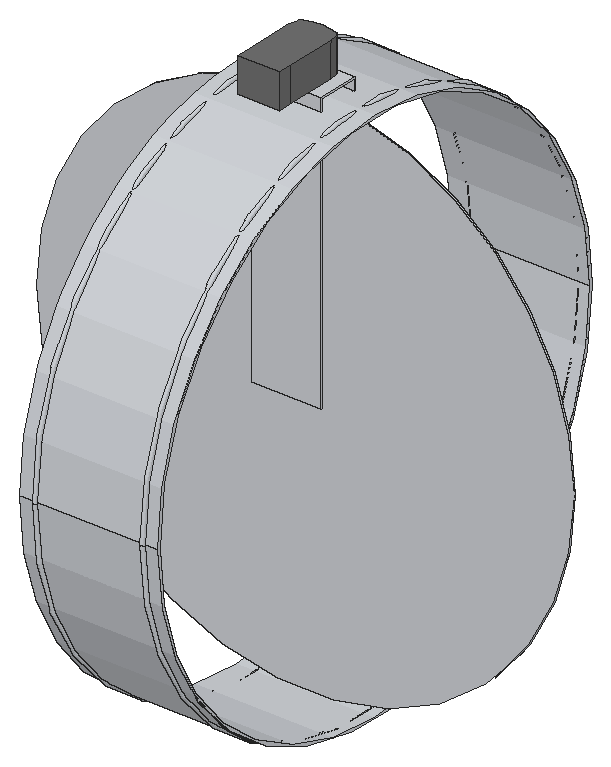
Revit family "НЕВАТОМ_Клапан KPNO-60(90)-D-SN-EM220(24)", category Арматура воздуховодов, Revit 2017
Family settings
  Размер круглого соединителя = Использовать диаметр
  Тип детали = Вставляется
  На основе рабочей плоскости = Нет
  Всегда вертикально = Да
  При загрузке вырезать с полостями = Нет
  Общий = Нет
Parameters (values of type "KPNO-60(90)-D-SN-EM220(24)")
  ТП = "НЕВАТОМ_Клапан КPNO-60(90)-EM"  # constant formula
  Сравнение огнестойкости [instance] = if(U24, 1 mm, 0 mm)  # 0 mm
  Сравнение напряжения [instance] = if(EI 60, 1 mm, 0 mm)  # 1 mm
  Материал = Оцинкованная сталь
  Ключевая пометка = "Вентиляция"
  z [instance] = 2 mm  # constant formula
  q [instance] = 10 mm
  dd [instance] = D клапана - 10 mm  # 1240 mm
  a [instance] = 100 mm
  U24 [instance] = no
  U220 [instance] = and(not(U24))  # yes
  Nevatom_URL = "https://t.me/NEVATOM_Bim_bot"
  H [instance] = Dy + 120 mm  # 1370 mm
  EI 90 [instance] = and(not(EI 60))  # no
  EI 60 [instance] = yes
  Dy [instance] = D клапана  # 1250 mm
  D/2 [instance] = D клапана / 2  # 625 mm
  L [instance] = 320 mm
  D+10 [instance] = D клапана + 10 mm  # 1260 mm
  D клапана [instance] = 1250 mm
  ADSK_Ток = 0 A
  ADSK_Расход воздуха = 0.0 m³/h
  ADSK_Размер_Ширина [instance] = Dy  # 1250 mm
  ADSK_Размер_Длина [instance] = L  # 320 mm
  ADSK_Размер_Высота [instance] = H  # 1370 mm
  ADSK_Примечание = ""
  ADSK_Позиция = ""
  ADSK_Напряжение = 220 V
  ADSK_Наименование [instance] = size_lookup(ТП, "", "ошибка типоразмера", D клапана, Сравнение огнестойкости, Сравнение напряжения)  # "KPNO-90-1250-SN-EM24"
  ADSK_Материал наименование = "Оцинкованная сталь"  # constant formula
  ADSK_Масса_Текст = ""
  ADSK_Масса [instance] = size_lookup("НЕВАТОМ_Клапан КPNO-60(90)-EM", "ADSK_Масса", 0, D клапана)  # 66
  ADSK_Марка = ""
  ADSK_Код изделия = ""
  ADSK_Завод-изготовитель = "НЕВАТОМ"  # constant formula
  ADSK_Единица измерения = "шт."  # constant formula
Reference planes
  plane 1 "По центру (Вперед/Назад)": y = 0
  plane 2: z = 0
  plane 3 "По центру (Влево/Вправо)": x = 0
  plane 4: x = -160
  plane 5: x = 160
  plane 6: x = 75
  plane 7: z = 625
  plane 8: x = -130
  plane 9: x = -120
  plane 10: z = 630
  plane 11: x = -100
  plane 12: x = -90
  plane 13: x = 90
  plane 14: x = 100
  plane 15: x = 120
  plane 16: x = 130
  plane 17: x = 135
  plane 18: y = 50
  plane 19: y = -50
  plane 20: y = -48
  plane 21: y = 48
  plane 22: z = 625
  plane 23: z = 755
  plane 24: z = 655
  plane 25: z = 657
  plane 26: x = 15
  plane 27: z = 625
  plane 28: z = 740
  plane 29: x = -5
  plane 30: x = 137
  plane 31: y = 1
  plane 32: y = -1
  plane 33: z = 10
  plane 34: z = 630
  plane 35: z = -630
Forms (mm)
  Extrusion 1, void, not visible
    sketch origin (-345, -245, 50) x (0, -1, 0) y (0, 0, -1)
      loop
        line (-477.965, -475) -> (-477.965, -450) -> (-528.913, -450) -> (-528.913, -475) -> (-477.965, -475)
    from -47.452 to 12
  Extrusion 2, solid
    sketch origin (0, 0, 0) x (0, 1, 0) y (0, 0, 1)
      loop
        circle (0, 0) r 625
      loop
        circle (0, 0) r 630
    from -160 to 160
  Sweep 3, solid
    path origin (0, 0, 0) x (0, 1, 0) y (0, 0, 1)
      loop
        circle (0, 0) r 630
    profile origin (0, 0, 630) x (0, 0, -1) y (1, 0, 0)
      loop
        line (0, -130) -> (0, -120)
        arc (0, -120) -> (-5, -125) -> (0, -130) r 5
      loop
        line (0, 120) -> (0, 130)
        arc (0, 130) -> (-5, 125) -> (0, 120) r 5
  Extrusion 4, solid
    sketch origin (0, 0, 0) x (0, 1, 0) y (0, 0, 1)
      loop
        line (48, 10) -> (50, 10) -> (50, 657) -> (-50, 657) -> (-50, 10) -> (-48, 10) -> (-48, 655) -> (48, 655) -> (48, 10)
    from 75 to -84.603
  Extrusion 5, solid
    sketch origin (0, 0, 0) x (1, 0, 0) y (0, 0, 1)
      loop
        circle (0, 0) r 625
    from -1 to 1
Cuts and joins
  joined: Extrusion 2, Extrusion 4
Lines and regions (mm)
  model lines, not visible, detail levels coarse
    curve 1: circle (0, 0, 0) r 135 normal (0, 0, 1)
    curve 2: line (-135, 0, 0) -> (43.681, 127.738, 0)
    curve 3: line (-135, 0, 0) -> (43.681, -127.738, 0)
    curve 4: line (43.681, 127.738, 0) -> (43.681, -127.738, 0)
  model lines, not visible, detail levels medium
    curve 5: circle (0, 0, 0) r 90 normal (0, -1, 0)
    curve 6: line (-90, 0, 0) -> (39.046, 0, 81.089)
    curve 7: line (-90, 0, 0) -> (39.046, 0, -81.089)
    curve 8: line (39.046, 0, 81.089) -> (39.046, 0, -81.089)
Dimensions and locks
  equal spacing: plane 4, plane 3 "По центру (Влево/Вправо)", plane 5
  "L": plane 4 to plane 5
  "D/2": plane 7 to level
  locked: plane 8 to plane 4 at 30
  locked: plane 9 to plane 8 at 10
  locked: plane 10 to plane 7 at 5
  locked: plane 11 to plane 9 at 20
  locked: plane 12 to plane 11 at 10
  locked: plane 5 to plane 16 at 30
  locked: plane 16 to plane 15 at 10
  locked: plane 15 to plane 14 at 20
  locked: plane 14 to plane 13 at 10
  locked: plane 17 to plane 6 at 60
  "D/2": level to plane 22
  locked: plane 22 to plane 23 at 130
  locked: plane 22 to plane 24 at 30
  locked: plane 24 to plane 25 at 2
  equal spacing: plane 18, plane 1 "По центру (Вперед/Назад)", plane 19
  "a": plane 18 to plane 19
  locked: plane 18 to plane 21 at 2
  locked: plane 20 to plane 19 at 2
  locked: plane 17 to plane 26 at 120
  "D/2": plane 27 to level
  locked: plane 17 to plane 30 at 2
  equal spacing: plane 32, plane 1 "По центру (Вперед/Назад)", plane 31
  "z": plane 32 to plane 31
  "q": plane 33 to level
  locked: plane 3 "По центру (Влево/Вправо)" to plane 6 at 75
  locked: plane 3 "По центру (Влево/Вправо)" to plane 29 at 5
  equal spacing: plane 35, level, plane 34
  "D+10": plane 35 to plane 34
  "H": plane 35 to plane 28
  locked: cut or joined group of Extrusion 2, Extrusion 4 to cut or joined group of Extrusion 2, Extrusion 4 at 159.603
  "D клапана": diameter of Extrusion 2 sketch curve
  "D клапана": diameter of Extrusion 5 sketch curve
  "D+10": diameter of Extrusion 2 sketch curve
  "D+10": diameter of Sweep 3 sketch curve
  aligned and locked: level to plane 2
  aligned and locked: Extrusion 2 to plane 5
  aligned and locked: Extrusion 2 to plane 4
  aligned and locked: Extrusion 4 sketch curve to plane 21
  aligned and locked: plane 18 to Extrusion 4 sketch curve
  aligned and locked: plane 20 to Extrusion 4 sketch curve
  aligned and locked: Extrusion 4 sketch curve to plane 19
  aligned and locked: Extrusion 4 sketch curve to plane 24
  aligned and locked: plane 25 to Extrusion 4 sketch curve
  aligned and locked: Extrusion 5 to plane 32
  aligned and locked: plane 31 to Extrusion 5
  aligned and locked: plane 33 to Extrusion 4 sketch curve  (x2)
  aligned and locked: cut or joined group of Extrusion 2, Extrusion 4 to nested 2
  aligned and locked: plane 3 "По центру (Влево/Вправо)" to nested 2
  aligned and locked: plane 6 to Extrusion 4
  aligned and locked: plane 28 to nested 2
Automatic sketch dimensions
  Extrusion 2 sketch curve to Extrusion 2 sketch curve = 0 mm  (x2)
  Extrusion 2 sketch curve to level = 0 mm
  Extrusion 2 sketch curve to plane 1 "По центру (Вперед/Назад)" = 0 mm
  Sweep 3 sketch curve to level = 0 mm
  Sweep 3 sketch curve to plane 1 "По центру (Вперед/Назад)" = 0 mm
  Sweep 3 sketch curve to profile plane = 0 mm  (x2)
  Sweep 3 sketch curve to plane 8 = 0 mm
  Sweep 3 sketch curve to plane 9 = 0 mm
  Sweep 3 sketch curve to plane 15 = 0 mm
  Sweep 3 sketch curve to plane 16 = 0 mm
  Extrusion 5 sketch curve to level = 0 mm
  Extrusion 5 sketch curve to plane 3 "По центру (Влево/Вправо)" = 0 mm
Nested families
  nested 1: "крепление 15мм" at (-330, 229.965, 495), type "крепление 15мм", not visible
  nested 2: "BLE" at (0, 23, 683) x (0, 1, 0) z (0, 0, 1), type "BLE"
    with Задание электрикам no
Connectors
  hvac at (-160, 0, 0), driven by "D клапана"
    settings: on cut or joined group of Extrusion 2, Extrusion 4, index 1, duct flow 0.0 m³/h, flow factor 0, pres drop 0.0 Pa, loss coef 0, conn angle 0.00°, conn width 304.8 mm, conn height 304.8 mm, conn diameter 1250 mm, duct sys type 29, conn prof type 0, flow config 0, flow direction 0, loss method 0, conn ref index 2, conn util no, is conn primary yes, conn desc ""
  hvac at (160, 0, 0), driven by "D клапана"
    settings: on cut or joined group of Extrusion 2, Extrusion 4, index 2, duct flow 0.0 m³/h, flow factor 0, pres drop 0.0 Pa, loss coef 0, conn angle 0.00°, conn width 304.8 mm, conn height 304.8 mm, conn diameter 1250 mm, duct sys type 29, conn prof type 0, flow config 0, flow direction 0, loss method 0, conn ref index 1, conn util no, is conn primary no, conn desc ""
Definition of nested family "крепление 15мм"
  Parameters (values of type "крепление 15мм")
    Материал крепления = none
  Reference planes
    plane 1 "По центру (Вперед/Назад)": y = 0
    plane 2: z = 0
    plane 3 "По центру (Влево/Вправо)": x = 0
  Forms (mm)
    Extrusion 1, solid, material <- "Материал крепления"
      sketch origin (0, 0, 0) x (1, 0, 0) y (0, 1, 0)
        loop
          line (-25, 0) -> (0, 0) -> (0, 18.31) -> (0, 25) -> (-3, 25) -> (-3, 3) -> (-25, 3) -> (-25, 0)
      from 0 to 30
    Extrusion 2, void
      sketch origin (0, 0, 0) x (1, 0, 0) y (0, 1, 0)
        loop
          line (-3, 3) -> (-3, 54.96) -> (-58, 54.96) -> (-58, 3) -> (-3, 3)
      from 0 to 15
  Cuts and joins
    Extrusion 2 cuts Extrusion 1
  Dimensions and locks
    Extrusion 1 sketch curve to Extrusion 1 sketch curve = 3 mm  (x2)
    Extrusion 1 sketch curve to Extrusion 1 sketch curve to plane 3 "По центру (Влево/Вправо)" = 25 mm, 0 mm
    Extrusion 1 sketch curve to Extrusion 1 sketch curve = 25 mm
    aligned and locked: level to plane 2
Definition of nested family "BLE"
  Parameters (values of type "BLE")
    Тип, марка, обозначение = "BLE"
    Примечание = ""
    Позиция = ""
    Наименование и тех.хар-ка = "Реверсивный электрический привод"  # constant formula
    Материал = none
    Масса единицы = "3,18"
    Корпус = none
    Код, оборудования = ""
    Keynote = "Вентиляция"
    Задание электрикам [instance] = no
    Завод изготовитель = "BELIMO"  # constant formula
    Единица измерения = "шт."  # constant formula
    H = 85 mm
    B = 458 mm
    A = 378 mm
    2 = none
    1 = none
  Reference planes
    plane 1 "По центру (Вперед/Назад)": y = 0
    plane 2: z = -23
    plane 3 "По центру (Влево/Вправо)": x = 0
    plane 4: x = -120.073
    plane 5: x = -130.073
    plane 6: x = 25
    plane 7: y = 48.75
    plane 8: y = -48.75
    plane 9: z = 57
    plane 10: x = -160
    plane 11: z = 59
  Forms (mm)
    Extrusion 1, void, not visible
      sketch origin (-345, -245, 50) x (0, -1, 0) y (0, 0, -1)
        loop
          line (-477.965, -475) -> (-477.965, -450) -> (-528.913, -450) -> (-528.913, -475) -> (-477.965, -475)
      from -47.452 to 12
    Extrusion 2, solid, material <- "Корпус"
      sketch origin (0, 0, -23) x (1, 0, 0) y (0, 1, 0)
        loop
          line (-130.073, 48.75) -> (-160, 48.75) -> (-160, -48.75) -> (-130.073, -48.75) -> (-10.073, -48.75) -> (9.415, -45.314)
          arc (9.415, -45.314) -> (13.882, -43.309) -> (16.862, -39.425) r 10
          arc (16.862, -39.425) -> (25, 0) -> (16.862, 39.425) r 99.564
          arc (16.862, 39.425) -> (13.882, 43.309) -> (9.415, 45.314) r 10
          line (9.415, 45.314) -> (-10.073, 48.75) -> (-130.073, 48.75)
      from 0 to 80
    Extrusion 3, void
      sketch origin (0, 0, -23) x (1, 0, 0) y (0, 1, 0)
        loop
          circle (0, 0) r 12.5
      from 28.523 to 59
  Cuts and joins
    Extrusion 3 cuts Extrusion 2
  Lines and regions (mm)
    model lines, not visible, detail levels coarse
      curve 1: circle (0, 0, 0) r 135 normal (0, 0, 1)
      curve 2: line (-135, 0, 0) -> (43.681, 127.738, 0)
      curve 3: line (-135, 0, 0) -> (43.681, -127.738, 0)
      curve 4: line (43.681, 127.738, 0) -> (43.681, -127.738, 0)
    model lines, not visible, detail levels medium
      curve 5: circle (0, 0, 0) r 90 normal (0, -1, 0)
      curve 6: line (-90, 0, 0) -> (39.046, 0, 81.089)
      curve 7: line (-90, 0, 0) -> (39.046, 0, -81.089)
      curve 8: line (39.046, 0, 81.089) -> (39.046, 0, -81.089)
  Dimensions and locks
    locked: plane 5 to plane 4 at 10
    locked: plane 4 to plane 3 "По центру (Влево/Вправо)" at 120.073
    locked: plane 3 "По центру (Влево/Вправо)" to plane 6 at 25
    equal spacing: plane 7, plane 1 "По центру (Вперед/Назад)", plane 8
    locked: plane 7 to plane 8 at 97.5
    plane 9 to level = 80 mm
    plane 10 to plane 6 = 185 mm
    plane 11 to plane 9 = 2 mm
    aligned and locked: level to plane 2
    aligned and locked: plane 9 to Extrusion 2
  Automatic sketch dimensions
    plane 1 "По центру (Вперед/Назад)" to Extrusion 3 sketch curve = 0 mm
    Extrusion 3 sketch curve to plane 3 "По центру (Влево/Вправо)" = 0 mm
    Extrusion 2 sketch curve to plane 8 = 0 mm
    Extrusion 2 sketch curve to plane 10 = 0 mm
    Extrusion 2 sketch curve to plane 5 = 0 mm  (x2)
    plane 1 "По центру (Вперед/Назад)" to Extrusion 2 sketch curve = 0 mm
    plane 7 to Extrusion 2 sketch curve = 0 mm
    plane 4 to Extrusion 2 sketch curve = 45.508 mm
    Extrusion 2 sketch curve to plane 3 "По центру (Влево/Вправо)" = 10.073 mm  (x2)
    plane 3 "По центру (Влево/Вправо)" to Extrusion 2 sketch curve = 7.679 mm  (x2)
    plane 7 to Extrusion 2 sketch curve = 3.436 mm
    plane 3 "По центру (Влево/Вправо)" to Extrusion 2 sketch curve = 9.415 mm  (x2)
    plane 8 to Extrusion 2 sketch curve = 3.436 mm
    Extrusion 2 sketch curve to Extrusion 2 sketch curve = 9.848 mm  (x2)
    Extrusion 2 sketch curve to Extrusion 2 sketch curve = 0 mm
    radius of Extrusion 3 sketch curve = 12.5 mm
  Nested families
    nested 1: "крепление 15мм" at (-330, 229.965, 495), type "крепление 15мм", not visible
  Definition of nested family "крепление 15мм"
    Parameters (values of type "крепление 15мм")
      Материал крепления = none
    Reference planes
      plane 1 "По центру (Вперед/Назад)": y = 0
      plane 2: z = 0
      plane 3 "По центру (Влево/Вправо)": x = 0
    Forms (mm)
      Extrusion 1, solid, material <- "Материал крепления"
        sketch origin (0, 0, 0) x (1, 0, 0) y (0, 1, 0)
          loop
            line (-25, 0) -> (0, 0) -> (0, 18.31) -> (0, 25) -> (-3, 25) -> (-3, 3) -> (-25, 3) -> (-25, 0)
        from 0 to 30
      Extrusion 2, void
        sketch origin (0, 0, 0) x (1, 0, 0) y (0, 1, 0)
          loop
            line (-3, 3) -> (-3, 54.96) -> (-58, 54.96) -> (-58, 3) -> (-3, 3)
        from 0 to 15
    Cuts and joins
      Extrusion 2 cuts Extrusion 1
    Dimensions and locks
      Extrusion 1 sketch curve to Extrusion 1 sketch curve = 3 mm  (x2)
      Extrusion 1 sketch curve to Extrusion 1 sketch curve to plane 3 "По центру (Влево/Вправо)" = 25 mm, 0 mm
      Extrusion 1 sketch curve to Extrusion 1 sketch curve = 25 mm
      aligned and locked: level to plane 2
